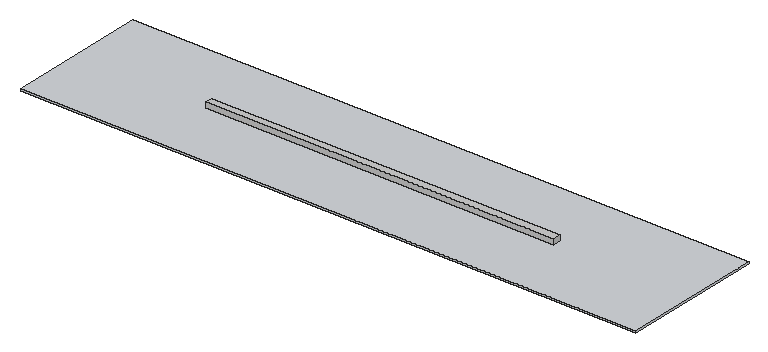
Revit family
Parameters (values of type "8 ft Surface Mount")
  URL = "www.lightingservicesinc.com/product.asp?productID=140"
  Model Date = "26 March 2010"
  Model = "32X20"
  Mfr. Catalog # = ""
  Manufacturer = "Lighting Services Inc."
  Length = 7' - 6 13/16"
  LSI Surface Track Finish [instance] = LSI Surface Track Finish
  Keynote = "26 55 59"
  Description = "120/250V 2 Ckt Surface Mount Track"
  Default Elevation = 4' - 0"
  Assembly Code = "D5020200"
Types (4): name | Model | Length
  (no name) | "32X20" | 7' - 6 13/16"
  4 ft Surface Mount | "32X10" | 3' - 6 13/16"
  8 ft Surface Mount | "32X20" | 7' - 6 13/16"
  12 ft Surface Mount | "32X30" | 11' - 6 13/16"
Reference planes (in)
  plane 1 "Center (Front/Back)": y = 0
  plane 2: z = -0.0625
  plane 3 "Center (Left/Right)": x = 0
  plane 4 "Left": x = -45.40625
  plane 5 "Right": x = 45.40625
  plane 6: y = 0.90625
  plane 7: y = -0.90625
  plane 8 "Bottom of Track": z = 1.4375
  plane 9 "Top of Track": z = 0
Forms (in)
  Extrusion 1, solid
    sketch origin (0, 0, -0.0625) x (1, 0, 0) y (0, 1, 0)
      loop
        line (-80, 18.39135) -> (-80, -18.22965) -> (80.64142, -18.22965) -> (80.64142, 18.39135) -> (-80, 18.39135)
    from 0 to -0.5
  Extrusion 2, solid, material "LSI Suspended Track Finish"
    sketch origin (0, 0, 0) x (0, 1, 0) y (0, 0, 1)
      loop
        line (-0.90625, 1.4375) -> (-0.90625, 0) -> (0.90625, 0) -> (0.90625, 1.4375) -> (-0.90625, 1.4375)
    from -45.40625 to 45.40625
Dimensions and locks (in)
  "Length": plane 4 "Left" to plane 5 "Right"
  equal spacing: plane 4 "Left", plane 3 "Center (Left/Right)", plane 5 "Right"
  locked: plane 6 to plane 7 at 1.8125
  equal spacing: plane 6, plane 1 "Center (Front/Back)", plane 7
  locked: plane 8 "Bottom of Track" to plane 9 "Top of Track" at 1.4375
  aligned and locked: Extrusion 1 to plane 2
  aligned and locked: Extrusion 1 to level
  aligned and locked: plane 3 "Center (Left/Right)" to nested 1
  aligned and locked: plane 1 "Center (Front/Back)" to nested 1
  aligned and locked: Extrusion 2 to plane 4 "Left"
  aligned and locked: plane 5 "Right" to Extrusion 2
Automatic sketch dimensions
  Extrusion 1 sketch curve to Extrusion 1 sketch curve = 13' - 4.64142"
  Extrusion 1 sketch curve to Extrusion 1 sketch curve = 3' - 0.62101"
  Extrusion 2 sketch curve to plane 7 = 0' - 0"
  Extrusion 2 sketch curve to plane 6 = 0' - 0"
  Extrusion 2 sketch curve to plane 9 "Top of Track" = 0' - 0"
  Extrusion 2 sketch curve to plane 8 "Bottom of Track" = 0' - 0"
Nested families (in)
  nested 1: "LSI Track Plan View Symbol" at (63.06131, -9.84847, -0.0625), type "Track"
Connectors (in)
  electrical at (0, -0.90625, 0.71875)
    settings: on Extrusion 2, index 1
  electrical at (0, 0.90625, 0.71875)
    settings: on Extrusion 2, index 2
Definition of nested family "LSI Track Plan View Symbol"
  Parameters (values of type "8'")
    Width = 0' - 1 13/16"
    Length = 7' - 6 13/16"
    Assembly Code = ""
  Types (3): name | Length
    4' | 3' - 6 13/16"
    8' | 7' - 6 13/16"
    12' | 11' - 6 13/16"
  Reference planes (in)
    plane 1 "Center (Front/Back)": y = 9.84847
    plane 2: z = 0
    plane 3 "Center (Left/Right)": x = -63.06131
    plane 4: x = -108.46756
    plane 5: x = -17.65506
    plane 6: y = 10.75472
    plane 7: y = 8.94222
  Lines and regions (in)
    detail lines, in view "Ref. Level"
      curve 1: line (-108.46756, 10.75472, 0) -> (-17.65506, 10.75472, 0)
      curve 2: line (-108.46756, 8.94222, 0) -> (-108.46756, 10.75472, 0)
      curve 3: line (-17.65506, 8.94222, 0) -> (-108.46756, 8.94222, 0)
      curve 4: line (-17.65506, 10.75472, 0) -> (-17.65506, 8.94222, 0)
  Dimensions and locks (in)
    "Length": plane 4 to plane 5
    equal spacing: plane 4, plane 3 "Center (Left/Right)", plane 5
    "Width": plane 6 to plane 7
    equal spacing: plane 6, plane 1 "Center (Front/Back)", plane 7
    aligned and locked: plane 4 to curve 1
    aligned and locked: curve 1 to plane 6
    aligned and locked: plane 7 to curve 4
    aligned and locked: curve 4 to plane 5
